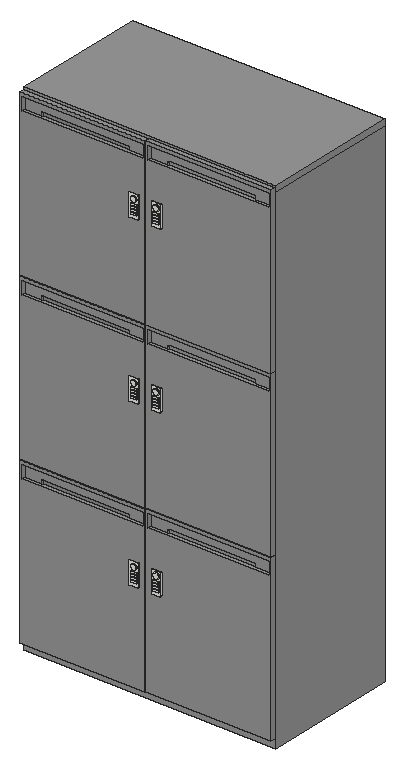
Revit family "Haworth_MSeries_Storage_Locker_AP_PRELIMINARY", category Furniture Systems, Revit 2019
Family settings
  Round Connector Dimension = Use Diameter
  Part Type = Normal
  OmniClass Number = 23.40.70.14.64.21
  OmniClass Title = Systems Furniture
  Work Plane-Based = No
  Always vertical = Yes
  Cut with Voids When Loaded = No
  Shared = No
  Room Calculation Point = No
Parameters (values of type "Freestanding 6Hi Tall")
  with Letter Slot [instance] = yes
  w/o Letter Slot [instance] = not(with Letter Slot)  # no
  not Slim = not(Slim)  # yes
  Width = 900 mm
  Warranty = "http://www.haworth.com/resources/product-info/warranties"
  URL - Product = "https://www.haworth.com/ap/en/products/office-drawers/m-series.html"
  Two Drawer = not(Three Drawer)  # no
  Trim Finish = Haworth _ Polymer _ Black
  Total Drawer Height = Actual Height - Bottom Case Offset  # 1770 mm
  Three Drawer = and(or(Freestanding 6Hi Small, Freestanding 6Hi Tall))  # yes
  Slim = Freestanding 6Hi Slim  # no
  Pull Finish = Haworth _ Paint _ Smooth Plaster
  Modular = no
  Model = "STMSKXX"  # constant formula
  Min. Width = 450 mm  # constant formula
  Max. Width = 900 mm  # constant formula
  Lock and Key Set [instance] = not(Combination Lock)  # no
  Lock Offset Top = if(Stack on, 50 mm, if(Freestanding 4Hi Small, 50 mm, if(Freestanding 6Hi Small, 500 mm, 950 mm)))  # 950 mm
  Lock Offset Side = Drawer Width - 35 mm  # 411 mm
  Lock Finish = Haworth _ Polymer _ Black
  Level Offset = if(Hanging, 400 mm, 0 mm)  # 0 mm
  Hanging = Stack on  # no
  Glide Finish = Haworth _ Polymer _ Black
  Front Finish [instance] = Haworth _ Laminate _ Undecided _ Storage
  Freestanding 6Hi Tall = yes
  Freestanding 6Hi Slim = no
  Freestanding 4Hi Tall = no
  Freestanding 6Hi Small = no
  Freestanding 4Hi Small = no
  Freestanding = not(Hanging)  # yes
  Drawer Width = Actual Width / 2 - 4 mm  # 446 mm
  Distance Between Drawer = 2 mm  # constant formula
  Description = "Haworth - M Series - Storage - Locker"  # constant formula
  URL = "https://www.haworth.com/ap/en.html"
  Size = "Verify Final Dim. w/ Haworth"  # constant formula
  Revision Number = "1"  # constant formula
  Manufacturer = "Haworth"  # constant formula
  Combination Lock [instance] = yes
  Case Thickness = 20 mm  # constant formula
  Cabinet Finish [instance] = Haworth _ Laminate _ Undecided _ Storage
  Drawer Height = if(Two Drawer, Total Drawer Height / 2, Total Drawer Height / 3)  # 590 mm
  Bottom Case Offset = 30 mm  # constant formula
  Author = "Haworth (Abd Rahman)"  # constant formula
  Stack on = not(or(Modular, Freestanding 4Hi Small, Freestanding 4Hi Tall, Freestanding 6Hi Small, Freestanding 6Hi Tall, Freestanding 6Hi Slim))  # no
  Assembly Code = "E2020200"
  Actual Width = if(Width > Max. Width, Max. Width, if(Width < Min. Width, Min. Width, Width))  # 900 mm
  Actual Height = if(Modular, 845 mm, if(Stack on, 800 mm, if(Freestanding 4Hi Small, 845 mm, if(Freestanding 4Hi Tall, 1140 mm, if(Freestanding 6Hi Small, 1500 mm, if(Freestanding 6Hi Tall, 1800 mm, 1800 mm))))))  # 1800 mm
  Actual Depth = 500 mm
Types (7, lengths in mm): name | with Letter Slot | w/o Letter Slot | not Slim | Width | Two Drawer | Total Drawer Height | Three Drawer | Slim | Modular | Lock and Key Set | Lock Offset Top | Lock Offset Side | Level Offset | Hanging | Freestanding 6Hi Tall | Freestanding 6Hi Slim | Freestanding 4Hi Tall | Freestanding 6Hi Small | Freestanding 4Hi Small | Freestanding | Drawer Width | Combination Lock | Drawer Height | Stack on | Actual Width | Actual Height | Actual Depth
  Stack on | yes | no | yes | 900 | yes | 770 | no | no | no | no | 50 | 411 | 400 | yes | no | no | no | no | no | no | 446 | yes | 385 | yes | 900 | 800 | 500
  Modular | yes | no | yes | 800 | yes | 815 | no | no | yes | yes | 950 | 361 | 0 | no | no | no | no | no | no | yes | 396 | no | 407.5 | no | 800 | 845 | 450
  Freestanding 4Hi Small | no | yes | yes | 900 | yes | 815 | no | no | no | no | 50 | 411 | 0 | no | no | no | no | no | yes | yes | 446 | yes | 407.5 | no | 900 | 845 | 450
  Freestanding 4Hi Tall | yes | no | yes | 900 | yes | 1110 | no | no | no | yes | 950 | 411 | 0 | no | no | no | yes | no | no | yes | 446 | no | 555 | no | 900 | 1140 | 450
  Freestanding 6Hi Small | yes | no | yes | 900 | no | 1470 | yes | no | no | yes | 500 | 411 | 0 | no | no | no | no | yes | no | yes | 446 | no | 490 | no | 900 | 1500 | 450
  Freestanding 6Hi Tall | yes | no | yes | 900 | no | 1770 | yes | no | no | no | 950 | 411 | 0 | no | yes | no | no | no | no | yes | 446 | yes | 590 | no | 900 | 1800 | 500
  Freestanding 6Hi Slim | no | yes | no | 450 | yes | 1770 | no | yes | no | no | 950 | 186 | 0 | no | no | yes | no | no | no | yes | 221 | yes | 885 | no | 450 | 1800 | 500
Reference planes
  plane 1 "Center F/B": y = -185.38
  plane 2: z = 0
  plane 3 "Top": z = 1800
  plane 4: x = 20.328
  plane 5: z = 1780
  plane 6: x = -429.672
  plane 7: y = 64.62
  plane 8: y = -435.38
  plane 9 "Right": x = 470.328
  plane 10: z = 30
  plane 11: y = -420.38
  plane 12: x = -419.672
  plane 13: y = 54.62
  plane 14: x = 460.328
  plane 15: y = -410.38
  plane 16: z = 1803
  plane 17: x = -427.672
  plane 18: x = 468.328
  plane 19: z = 1794
Forms (mm)
  Extrusion 1, solid, material "Haworth _ Polymer _ Black" <- "Glide Finish"
    sketch origin (40.656, -370.76, 0) x (-1, 0, 0) y (0, -1, 0)
      loop
        circle (424.548, 7.068) r 12.626
      loop
        circle (424.548, -377.828) r 12.626
      loop
        circle (-383.892, -377.828) r 12.626
      loop
        circle (-383.892, 7.068) r 12.626
    from 0 to 4.695
  Extrusion 2, solid, material "Haworth _ Polymer _ Black" <- "Glide Finish"
    sketch origin (40.656, -370.76, 0) x (-1, 0, 0) y (0, -1, 0)
      loop
        circle (424.484, 6.956) r 8.072
      loop
        circle (424.484, -377.717) r 8.072
      loop
        circle (-383.828, 6.956) r 8.072
      loop
        circle (-383.828, -377.717) r 8.072
    from 0 to 6.195
  Extrusion 3, solid, material "Haworth _ Polymer _ Black" <- "Glide Finish"
    sketch origin (40.656, -370.76, 0) x (-1, 0, 0) y (0, -1, 0)
      loop
        circle (424.407, 6.878) r 7
      loop
        circle (424.407, -377.638) r 7
      loop
        circle (-383.751, 6.878) r 7
      loop
        circle (-383.751, -377.638) r 7
    from 0 to 11.255
  Extrusion 4, solid, material "Haworth _ Polymer _ Black" <- "Glide Finish"
    sketch origin (40.656, -370.76, 0) x (-1, 0, 0) y (0, -1, 0)
      loop
        circle (424.454, 6.93) r 4.781
      loop
        circle (424.454, -377.69) r 4.781
      loop
        circle (-383.798, 6.93) r 4.781
      loop
        circle (-383.798, -377.69) r 4.781
    from 0 to 19.525
  Extrusion 5, solid, material "Haworth _ Laminate _ Undecided _ Storage" <- "Cabinet Finish"
    sketch origin (0, 0, 0) x (1, 0, 0) y (0, 1, 0)
      loop
        line (-429.672, 64.62) -> (-429.672, -420.38) -> (470.328, -420.38) -> (470.328, 64.62) -> (-429.672, 64.62)
    from 1780 to 1800
  Extrusion 6, solid, material "Haworth _ Laminate _ Undecided _ Storage" <- "Cabinet Finish"
    sketch origin (0, 0, 0) x (1, 0, 0) y (0, 1, 0)
      loop
        line (-429.672, 64.62) -> (-429.672, -420.38) -> (470.328, -420.38) -> (470.328, 64.62) -> (-429.672, 64.62)
      loop
        line (-419.672, 54.62) -> (-419.672, -410.38) -> (460.328, -410.38) -> (460.328, 54.62) -> (-419.672, 54.62)
    from 0 to 1780
  Extrusion 7, solid, material "Haworth _ Polymer _ Black" <- "Trim Finish", visible <- "Modular"
    sketch origin (0, 0, 0) x (1, 0, 0) y (0, 1, 0)
      loop
        circle (-343.933, 9.156) r 15
      loop
        circle (384.589, 9.156) r 15
      loop
        circle (-343.933, -379.916) r 15
      loop
        circle (384.589, -379.916) r 15
    from 1800 to 1803
  Extrusion 8, void
    sketch origin (0, -185.38, 0) x (1, 0, 0) y (0, 0, 1)
      loop
        line (-419.672, 1780) -> (-419.672, 30) -> (458.328, 30) -> (458.328, 1780) -> (-419.672, 1780)
    from 0 to 250
Cuts and joins
  Extrusion 8 cuts Extrusion 5
  Extrusion 8 cuts Extrusion 6
Lines and regions (mm)
  Masking region 1
    outline origin (0, 0, 0) x (1, 0, 0) y (0, 1, 0)
      loop
        line (-429.672, 64.62) -> (-429.672, -435.38) -> (470.328, -435.38) -> (470.328, 64.62) -> (-429.672, 64.62)
Dimensions and locks
  equal spacing: plane 7, plane 1 "Center F/B", plane 8
  "Actual Depth": plane 7 to plane 8
  "Actual Width": plane 6 to plane 9 "Right"
  equal spacing: plane 6, plane 4, plane 9 "Right"
  "Case Thickness": plane 3 "Top" to plane 5
  locked: plane 8 to plane 11 at 15
  locked: plane 6 to plane 12 at 10
  locked: plane 14 to plane 9 "Right" at 10
  locked: plane 7 to plane 13 at 10
  locked: plane 15 to plane 11 at 10
  locked: plane 6 to Extrusion 7 sketch curve at 85.739  (x2)
  locked: Extrusion 7 sketch curve to plane 9 "Right" at 85.739
  Extrusion 7 sketch curve to plane 9 "Right" = 85.739 mm
  locked: Extrusion 7 sketch curve to plane 8 at 55.464  (x2)
  locked: plane 7 to Extrusion 7 sketch curve at 55.464  (x2)
  locked: plane 16 to plane 3 "Top" at 3
  locked: plane 11 to Extrusion 1 sketch curve at 42.552
  locked: plane 6 to Extrusion 3 sketch curve at 45.921  (x2)
  locked: Extrusion 3 sketch curve to plane 8 at 57.742  (x2)
  locked: plane 6 to Extrusion 2 sketch curve at 45.844  (x2)
  locked: Extrusion 2 sketch curve to plane 8 at 57.663  (x2)
  locked: plane 6 to Extrusion 4 sketch curve at 45.874  (x2)
  locked: Extrusion 4 sketch curve to plane 8 at 57.69  (x2)
  Extrusion 4 to Extrusion 3 to Extrusion 2 to Extrusion 1 to plane 2 = 8.27 mm locked, 5.06 mm locked, 1.5 mm locked, 4.695 mm locked
  locked: plane 6 to Extrusion 1 sketch curve at 45.78
  locked: plane 7 to Extrusion 1 sketch curve at 57.552  (x2)
  locked: Extrusion 1 sketch curve to plane 9 "Right" at 45.78  (x2)
  locked: Extrusion 1 sketch curve to plane 8 at 57.552
  locked: plane 7 to Extrusion 2 sketch curve at 57.663  (x2)
  locked: Extrusion 2 sketch curve to plane 9 "Right" at 45.844  (x2)
  locked: plane 7 to Extrusion 3 sketch curve at 57.742  (x2)
  locked: Extrusion 3 sketch curve to plane 9 "Right" at 45.921  (x2)
  locked: plane 7 to Extrusion 4 sketch curve at 57.69  (x2)
  locked: Extrusion 4 sketch curve to plane 9 "Right" at 45.874  (x2)
  locked: plane 17 to plane 6 at 2
  locked: plane 18 to plane 9 "Right" at 2
  locked: plane 3 "Top" to plane 19 at 6
  locked: nested 3 to nested 5 at 2
  locked: nested 4 to nested 6 at 2
  locked: nested 2 to nested 4 at 2
  locked: nested 1 to nested 3 at 2
  "Bottom Case Offset": plane 10 to plane 2
  "Actual Height": plane 3 "Top" to plane 2
  "Level Offset": plane 2 to level
  locked: Extrusion 8 sketch curve to plane 18 at 10
  locked: Extrusion 8 sketch curve to plane 6 at 10
  aligned and locked: plane 3 "Top" to Extrusion 5
  aligned and locked: Extrusion 5 to plane 5
  aligned and locked: Extrusion 5 sketch curve to plane 11
  aligned and locked: plane 6 to Extrusion 5 sketch curve
  aligned and locked: plane 9 "Right" to Extrusion 5 sketch curve
  aligned and locked: Extrusion 5 sketch curve to plane 7
  aligned and locked: plane 6 to Extrusion 6 sketch curve
  aligned and locked: Extrusion 6 sketch curve to plane 7
  aligned and locked: plane 9 "Right" to Extrusion 6 sketch curve
  aligned and locked: Extrusion 6 sketch curve to plane 11
  aligned and locked: plane 14 to Extrusion 6 sketch curve
  aligned and locked: plane 13 to Extrusion 6 sketch curve
  aligned and locked: Extrusion 6 sketch curve to plane 12
  aligned and locked: Extrusion 6 sketch curve to plane 15
  aligned and locked: plane 5 to Extrusion 6
  aligned and locked: plane 16 to Extrusion 7
  aligned and locked: Extrusion 7 to plane 3 "Top"
  aligned and locked: nested 1 to plane 17
  aligned and locked: nested 2 to plane 18
  aligned and locked: nested 4 to plane 18
  aligned and locked: nested 3 to plane 17
  aligned and locked: nested 6 to plane 18
  aligned and locked: nested 5 to plane 17
  aligned and locked: nested 2 to plane 19
  aligned and locked: plane 19 to nested 1
  aligned and locked: Extrusion 8 sketch curve to plane 5
  aligned and locked: plane 10 to Extrusion 8 sketch curve
  aligned and locked: Extrusion 8 to plane 1 "Center F/B"
  aligned and locked: cut or joined group of Extrusion 6, Extrusion 8 to plane 2
  aligned and locked: Extrusion 1 to plane 2
  aligned and locked: Extrusion 3 to plane 2
  aligned and locked: Extrusion 2 to plane 2
  aligned and locked: Extrusion 4 to plane 2
  aligned and locked: plane 19 to nested 7
  aligned and locked: nested 7 to plane 4
  aligned and locked: Extrusion 8 to plane 8
  aligned and locked: plane 11 to nested 1
  aligned and locked: nested 2 to plane 11
  aligned and locked: plane 11 to nested 3
  aligned and locked: nested 4 to plane 11
  aligned and locked: nested 6 to plane 11
  aligned and locked: plane 11 to nested 5
  aligned and locked: plane 11 to nested 7
Automatic sketch dimensions
  plane 6 to Extrusion 1 sketch curve = 45.78 mm
  Masking region 1 sketch curve to plane 6 = 0 mm
  Masking region 1 sketch curve to plane 8 = 0 mm
  Masking region 1 sketch curve to plane 9 "Right" = 0 mm
  Masking region 1 sketch curve to plane 7 = 0 mm
  radius of Extrusion 7 sketch curve = 15 mm  (x4)
  radius of Extrusion 1 sketch curve = 12.626 mm  (x4)
  radius of Extrusion 2 sketch curve = 8.072 mm  (x4)
  radius of Extrusion 3 sketch curve = 7 mm  (x4)
  radius of Extrusion 4 sketch curve = 4.781 mm  (x4)
Nested families
  nested 1: "Haworth_MSeries_Locker-Door_PART" at (-204.672, -410.872, 1207.5), visible <- "not Slim", type "Haworth_Drawer"
    with w/o Letter Slot no, With Lock no, Drawer Height 590 mm
  nested 2: "Haworth_MSeries_Locker-Door_PART" at (245.328, -410.872, 1207.5) x (-1, 0, 0) z (0, 0, 1), visible <- "not Slim", type "Haworth_Drawer"
    with w/o Letter Slot no, With Lock no, Drawer Height 590 mm
  nested 3: "Haworth_MSeries_Locker-Door_PART" at (-204.672, -410.872, 619), visible <- "not Slim", type "Haworth_Drawer"
    with w/o Letter Slot no, With Lock no, Drawer Height 590 mm
  nested 4: "Haworth_MSeries_Locker-Door_PART" at (245.328, -410.872, 619) x (-1, 0, 0) z (0, 0, 1), visible <- "not Slim", type "Haworth_Drawer"
    with w/o Letter Slot no, With Lock no, Drawer Height 590 mm
  nested 5: "Haworth_MSeries_Locker-Door_PART" at (-204.672, -410.872, 30.5), visible <- "Three Drawer", type "Haworth_Drawer"
    with w/o Letter Slot no, With Lock no, Drawer Height 590 mm
  nested 6: "Haworth_MSeries_Locker-Door_PART" at (245.328, -410.872, 30.5) x (-1, 0, 0) z (0, 0, 1), visible <- "Three Drawer", type "Haworth_Drawer"
    with w/o Letter Slot no, With Lock no, Drawer Height 590 mm
  nested 7: "Haworth_MSeries_Locker-Door-Slim_PART" at (20.328, -410.897, -6), visible <- "Freestanding 6Hi Slim", type "Haworth_Locker-Door"
    with w/o Letter Slot no, With Lock no
Definition of nested family "Haworth_MSeries_Locker-Door_PART"
  Parameters (values of type "Haworth_Drawer")
    with Letter Slot = yes
    w/o Letter Slot = yes
    With Lock = yes
    Warranty = "http://www.haworth.com/resources/product-info/warranties"
    URL - Product = ""
    URL = "www.haworth.com"
    Trim Finish = none
    Revision Number = "1"  # constant formula
    Pull Finish = none
    Note = "Verify Final Dim. w/ Haworth"  # constant formula
    Model = "Haworth MSeries"  # constant formula
    Manufacturer = "Haworth"  # constant formula
    Lock Offset Top = 950 mm
    Lock Offset Side = 50 mm
    Letter Void = if(with Letter Slot, 50 mm, 0 mm)  # 50 mm
    Front Finish = none
    Drawer Width = 446 mm
    Drawer Height = 490 mm
    Description = "Haworth MSeries"  # constant formula
    Combination Lock = yes
    Author = "Haworth (Abd Rahman)"  # constant formula
    Assembly Code = ""
  Reference planes
    plane 1 "Drawer Back": y = -9.508
    plane 2: z = 0
    plane 3 "Center L/R": x = 0
    plane 4 "Drawer Front": y = -28.883
    plane 5 "Left": x = -223
    plane 6 "Right": x = 223
    plane 7 "Top": z = 490
    plane 8 "Hardware Start": y = -12.683
    plane 9 "Lock Side": x = 173
    plane 10 "2": z = 287.508
    plane 11: x = -218.5
    plane 12: x = 218.5
    plane 13: z = 475.5
    plane 14: z = 426.5
    plane 15: y = -14.383
    plane 16: z = 486.5
    plane 17: x = -156
    plane 18: x = 156
    plane 19: z = 439.5
    plane 20: y = 20.144
    plane 21: y = -59.508
    plane 22: y = -31.183
    plane 23: x = 168
    plane 24: x = 202
    plane 25: z = 305
    plane 26: z = 225
    plane 27: x = 185.014
    plane 28: x = 174.98
    plane 29: x = 194.98
    plane 30: z = 236.026
    plane 31: z = 242.026
    plane 32: z = 246.026
    plane 33: z = 252.026
    plane 34: z = 256.026
    plane 35: z = 262.026
    plane 36: z = 266.026
    plane 37: z = 272.026
  Forms (mm)
    Extrusion 1, solid, material <- "Front Finish"
      sketch origin (0, -28.883, 0) x (-1, 0, 0) y (0, 0, 1)
        loop
          line (-223, 486.5) -> (-223, 0) -> (223, 0) -> (223, 486.5) -> (-223, 486.5)
      from 0 to 16.2
    Extrusion 2, void
      sketch origin (0, -28.883, -3.75) x (-1, 0, 0) y (0, 0, 1)
        loop
          line (218.5, 479.25) -> (-218.5, 479.25) -> (-218.5, 430.25) -> (218.5, 430.25) -> (218.5, 479.25)
      from 14.5 to -47.663
    Extrusion 3, void
      sketch origin (0, -28.883, 0) x (-1, 0, 0) y (0, 0, 1)
        loop
          line (154, 439.5) -> (-154, 439.5) -> (-156, 437.5) -> (-156, 426.5) -> (156, 426.5) -> (156, 437.5) -> (154, 439.5)
      from -30.625 to 16.2
    Extrusion 4, solid, material <- "Pull Finish", visible <- "Combination Lock"
      sketch origin (0, -28.883, 0) x (-1, 0, 0) y (0, 0, 1)
        loop
          line (-168, 228) -> (-168, 301.973)
          arc (-168, 301.973) -> (-168.887, 304.113) -> (-171.027, 305) r 3.027
          line (-171.027, 305) -> (-199, 305)
          arc (-199, 305) -> (-201.121, 304.121) -> (-202, 302) r 3
          line (-202, 302) -> (-202, 228)
          arc (-202, 228) -> (-201.121, 225.879) -> (-199, 225) r 3
          line (-199, 225) -> (-171, 225)
          arc (-171, 225) -> (-168.879, 225.879) -> (-168, 228) r 3
      from 0 to -2.3
    Extrusion 5, solid, material <- "Pull Finish", visible <- "Combination Lock"
      sketch origin (1560, -28.883, 0) x (-1, 0, 0) y (0, 0, 1)
        loop
          circle (1374.986, 287.508) r 10
        loop
          line (1385.02, 272.026) -> (1365.02, 272.026) -> (1365.02, 266.026) -> (1385.02, 266.026) -> (1385.02, 272.026)
        loop
          line (1385.02, 262.026) -> (1365.02, 262.026) -> (1365.02, 256.026) -> (1385.02, 256.026) -> (1385.02, 262.026)
        loop
          line (1385.02, 252.026) -> (1365.02, 252.026) -> (1365.02, 246.026) -> (1385.02, 246.026) -> (1385.02, 252.026)
        loop
          line (1365.02, 242.026) -> (1365.02, 236.026) -> (1385.02, 236.026) -> (1385.02, 242.026) -> (1365.02, 242.026)
      from -3.3 to -2.3
    Extrusion 6, solid, material <- "Pull Finish", visible <- "With Lock"
      sketch origin (0, -28.883, 0) x (-1, 0, 0) y (0, 0, 1)
        loop
          circle (-173, 287.508) r 12
      from -3.3 to -2.3
    Extrusion 7, void
      sketch origin (0, -28.883, 0) x (-1, 0, 0) y (0, 0, 1)
        loop
          circle (-173, 287.508) r 10
        loop
          circle (-173, 287.508) r 11
      from -106.735 to 0
  Cuts and joins
    Extrusion 2, Extrusion 3, Extrusion 7 cuts Extrusion 1
    Extrusion 7 cuts Extrusion 6
  Lines and regions (mm)
    Masking region 1
      outline origin (0, 0, 185.861) x (-1, 0, 0) y (0, -1, 0)
        loop
          line (223, 12.683) -> (223, 28.883) -> (-223, 28.883) -> (-223, 12.683) -> (223, 12.683)
    symbolic lines
      curve 1: line (-220.67, -29.508, 185.861) -> (58.38, -74.657, 185.861)
  Dimensions and locks
    equal spacing: plane 5 "Left", plane 3 "Center L/R", plane 6 "Right"
    "Drawer Width": plane 5 "Left" to plane 6 "Right"
    "Drawer Height": plane 7 "Top" to level
    locked: plane 1 "Drawer Back" to plane 8 "Hardware Start" at 3.175
    plane 4 "Drawer Front" to plane 1 "Drawer Back" = 19.375 mm
    plane 4 "Drawer Front" to plane 8 "Hardware Start" = 16.2 mm
    "Lock Offset Side": plane 9 "Lock Side" to plane 6 "Right"
    locked: plane 11 to plane 5 "Left" at 4.5
    locked: plane 12 to plane 6 "Right" at 4.5
    locked: plane 7 "Top" to plane 13 at 14.5
    locked: plane 13 to plane 14 at 49
    locked: plane 15 to plane 8 "Hardware Start" at 1.7
    locked: plane 7 "Top" to plane 16 at 3.5
    locked: plane 5 "Left" to plane 17 at 67
    locked: plane 18 to plane 6 "Right" at 67
    locked: plane 19 to plane 14 at 13
    "Letter Void": plane 21 to plane 1 "Drawer Back"
    locked: plane 22 to plane 4 "Drawer Front" at 2.3
    plane 23 to plane 24 to plane 6 "Right" = 34 mm locked, 21 mm locked
    plane 14 to plane 25 to plane 26 = 121.5 mm locked, 80 mm locked
    locked: Extrusion 5 to Extrusion 4 at 1
    locked: plane 7 "Top" to plane 10 "2" at 202.492
    plane 10 "2" to plane 37 to plane 36 to plane 35 to plane 34 to plane 33 to plane 32 to plane 31 to plane 30 = 15.481 mm locked, 6 mm locked, 4 mm locked, 6 mm locked, 4 mm locked, 6 mm locked, 4 mm locked, 6 mm locked
    plane 28 to plane 27 to plane 29 to plane 6 "Right" = 10.033 mm locked, 9.967 mm locked, 28.02 mm locked
    aligned and locked: Extrusion 1 sketch curve to plane 6 "Right"
    aligned and locked: Extrusion 1 sketch curve to plane 5 "Left"
    aligned and locked: Extrusion 1 sketch curve to plane 2
    aligned and locked: plane 6 "Right" to Masking region 1 sketch curve
    aligned and locked: plane 8 "Hardware Start" to Masking region 1 sketch curve
    aligned and locked: plane 4 "Drawer Front" to Masking region 1 sketch curve
    aligned and locked: plane 5 "Left" to Masking region 1 sketch curve
    aligned and locked: plane 11 to Extrusion 2 sketch curve
    aligned and locked: plane 12 to Extrusion 2 sketch curve
    aligned and locked: Extrusion 2 to plane 15
    aligned and locked: cut or joined group of Extrusion 1, Extrusion 2, Extrusion 3, Extrusion 7 to plane 16
    aligned and locked: plane 14 to Extrusion 2 sketch curve
    aligned and locked: Extrusion 2 sketch curve to plane 13
    aligned and locked: Extrusion 3 sketch curve to plane 14
    aligned and locked: plane 18 to Extrusion 3 sketch curve
    aligned and locked: plane 19 to Extrusion 3 sketch curve
    aligned and locked: Extrusion 3 sketch curve to plane 17
    aligned and locked: Extrusion 3 to plane 8 "Hardware Start"
    aligned and locked: plane 21 to Extrusion 3
    aligned and locked: Extrusion 4 to plane 22
    aligned and locked: plane 24 to Extrusion 4 sketch curve
    aligned and locked: plane 25 to Extrusion 4 sketch curve
    aligned and locked: Extrusion 4 sketch curve to plane 23
    aligned and locked: plane 26 to Extrusion 4 sketch curve
    aligned and locked: Extrusion 5 sketch curve to Extrusion 5 sketch curve  (x6)
    aligned and locked: Extrusion 5 to plane 22
    aligned and locked: Extrusion 6 to Extrusion 5
    aligned and locked: plane 22 to Extrusion 6
    aligned and locked: plane 9 "Lock Side" to Extrusion 6 sketch curve
    aligned and locked: plane 10 "2" to Extrusion 6 sketch curve
    aligned and locked: plane 9 "Lock Side" to Extrusion 7 sketch curve  (x2)
    aligned and locked: plane 10 "2" to Extrusion 7 sketch curve  (x2)
    aligned and locked: plane 10 "2" to Extrusion 5 sketch curve
    aligned and locked: Extrusion 5 sketch curve to plane 27
    aligned and locked: plane 30 to Extrusion 5 sketch curve
    aligned and locked: Extrusion 5 sketch curve to plane 31
    aligned and locked: Extrusion 5 sketch curve to plane 29
    aligned and locked: Extrusion 5 sketch curve to plane 32
    aligned and locked: plane 33 to Extrusion 5 sketch curve
    aligned and locked: Extrusion 5 sketch curve to plane 34
    aligned and locked: plane 35 to Extrusion 5 sketch curve
    aligned and locked: Extrusion 5 sketch curve to plane 36
    aligned and locked: plane 37 to Extrusion 5 sketch curve
    aligned and locked: plane 28 to Extrusion 5 sketch curve
  Automatic sketch dimensions
    Extrusion 1 sketch curve to plane 16 = 0 mm
    Extrusion 3 sketch curve to Extrusion 3 sketch curve = 2 mm  (x3)
    Extrusion 3 sketch curve to Extrusion 3 sketch curve = 11 mm
    Extrusion 4 sketch curve to Extrusion 4 sketch curve = 3 mm  (x2)
    Extrusion 4 sketch curve to Extrusion 4 sketch curve = 28 mm
    Extrusion 4 sketch curve to Extrusion 4 sketch curve = 3.027 mm
    plane 21 to curve 1 = 15.149 mm
    plane 3 "Center L/R" to curve 1 = 58.38 mm
    curve 1 to plane 4 "Drawer Front" = 0.625 mm
    curve 1 to plane 11 = 2.17 mm
    radius of Extrusion 6 sketch curve = 12 mm
    radius of Extrusion 7 sketch curve = 10 mm
    radius of Extrusion 7 sketch curve = 11 mm
    radius of Extrusion 5 sketch curve = 10 mm
Definition of nested family "Haworth_MSeries_Locker-Door-Slim_PART"
  Parameters (values of type "Haworth_Locker-Door")
    with Letter Slot = yes
    w/o Letter Slot = yes
    With Lock = yes
    Warranty = "http://www.haworth.com/resources/product-info/warranties"
    URL - Product = ""
    URL = "www.haworth.com"
    Trim Finish = none
    Revision Number = "1"  # constant formula
    Pull Finish = none
    Note = "Verify Final Dim. w/ Haworth"  # constant formula
    Model = "Haworth MSeries"  # constant formula
    Manufacturer = "Haworth"  # constant formula
    Lock Offset Top = 950 mm
    Lock Offset Side = 50 mm
    Letter Void = if(with Letter Slot, 30 mm, 500 mm)  # 30 mm
    Front Finish = none
    Drawer Width = 450 mm  # constant formula
    Drawer Height = 1800 mm  # constant formula
    Description = "Haworth MSeries"  # constant formula
    Combination Lock = yes
    Author = "Haworth (Abd Rahman)"  # constant formula
    Assembly Code = ""
  Reference planes
    plane 1: z = 0
    plane 2 "Center L/R": x = 0
    plane 3 "Left": x = -225
    plane 4 "Right": x = 225
    plane 5 "Top": z = 1800
    plane 6: z = 1785.5
    plane 7: y = -14.383
    plane 8: z = 1796.5
    plane 9: y = -31.183
    plane 10: x = -202.919
    plane 11: x = -168.919
    plane 12: z = 1523.501
    plane 13: z = 1443.501
    plane 14: x = -185.905
    plane 15: x = -195.939
    plane 16: x = -175.939
    plane 17: z = 1454.527
    plane 18: z = 1460.527
    plane 19: z = 1464.527
    plane 20: z = 1470.527
    plane 21: z = 1474.527
    plane 22: z = 1480.527
    plane 23: z = 1484.527
    plane 24: z = 1490.527
    plane 25: x = 169.036
    plane 26: x = 203.036
    plane 27: z = 397.501
    plane 28: z = 317.501
    plane 29: x = 186.05
    plane 30: x = 176.017
    plane 31: x = 196.017
    plane 32: z = 328.527
    plane 33: z = 334.527
    plane 34: z = 338.527
    plane 35: z = 344.527
    plane 36: z = 348.527
    plane 37: z = 354.527
    plane 38: z = 358.527
    plane 39: z = 364.527
    plane 40: x = -195
    plane 41: x = -180
    plane 42: x = 195
    plane 43: x = 180
    plane 44: y = -12.683
    plane 45: y = -9.483
  Forms (mm)
    Extrusion 1, solid, material <- "Front Finish"
      sketch origin (0, -28.883, 0) x (-1, 0, 0) y (0, 0, 1)
        loop
          line (-225, 1798.001) -> (-225, 43.001) -> (225, 43.001) -> (225, 1798.001) -> (-225, 1798.001)
      from 0 to 16.2
    Extrusion 2, void
      sketch origin (0, -28.883, -3.75) x (-1, 0, 0) y (0, 0, 1)
        loop
          line (210, 1791.751) -> (162, 1791.751) -> (162, 1228.751) -> (210, 1228.751) -> (210, 1791.751)
        loop
          line (-210, 619.751) -> (-210, 56.751) -> (-162, 56.751) -> (-162, 619.751) -> (-210, 619.751)
      from 14.5 to -47.663
    Extrusion 3, void
      sketch origin (0, -28.883, 0) x (-1, 0, 0) y (0, 0, 1)
        loop
          line (180, 1733.196) -> (180, 1563.071) -> (182, 1561.071) -> (195, 1561.071) -> (195, 1735.196) -> (182, 1735.196) -> (180, 1733.196)
        loop
          line (-180, 107.807) -> (-180, 277.932) -> (-182, 279.932) -> (-195, 279.932) -> (-195, 105.807) -> (-182, 105.807) -> (-180, 107.807)
      from -30.625 to 152.337
    Extrusion 4, solid, material <- "Pull Finish", visible <- "Combination Lock"
      sketch origin (-372.919, -14.274, -91.499) x (-1, 0, 0) y (0, 0, 1)
        loop
          line (-170, 1538) -> (-170, 1611.973)
          arc (-170, 1611.973) -> (-170.887, 1614.113) -> (-173.027, 1615) r 3.027
          line (-173.027, 1615) -> (-201, 1615)
          arc (-201, 1615) -> (-203.121, 1614.121) -> (-204, 1612) r 3
          line (-204, 1612) -> (-204, 1538)
          arc (-204, 1538) -> (-203.121, 1535.879) -> (-201, 1535) r 3
          line (-201, 1535) -> (-173, 1535)
          arc (-173, 1535) -> (-170.879, 1535.879) -> (-170, 1538) r 3
      from 0 to -2.3
    Extrusion 5, solid, material <- "Pull Finish", visible <- "Combination Lock"
      sketch origin (1187.081, -14.274, -91.499) x (-1, 0, 0) y (0, 0, 1)
        loop
          circle (1372.986, 1597.508) r 10
        loop
          line (1383.02, 1582.026) -> (1363.02, 1582.026) -> (1363.02, 1576.026) -> (1383.02, 1576.026) -> (1383.02, 1582.026)
        loop
          line (1383.02, 1572.026) -> (1363.02, 1572.026) -> (1363.02, 1566.026) -> (1383.02, 1566.026) -> (1383.02, 1572.026)
        loop
          line (1383.02, 1562.026) -> (1363.02, 1562.026) -> (1363.02, 1556.026) -> (1383.02, 1556.026) -> (1383.02, 1562.026)
        loop
          line (1363.02, 1552.026) -> (1363.02, 1546.026) -> (1383.02, 1546.026) -> (1383.02, 1552.026) -> (1363.02, 1552.026)
      from -3.3 to -2.3
    Extrusion 6, solid, material <- "Pull Finish", visible <- "Combination Lock"
      sketch origin (-0.964, -14.196, -1217.499) x (-1, 0, 0) y (0, 0, 1)
        loop
          line (-170, 1538) -> (-170, 1611.973)
          arc (-170, 1611.973) -> (-170.887, 1614.113) -> (-173.027, 1615) r 3.027
          line (-173.027, 1615) -> (-201, 1615)
          arc (-201, 1615) -> (-203.121, 1614.121) -> (-204, 1612) r 3
          line (-204, 1612) -> (-204, 1538)
          arc (-204, 1538) -> (-203.121, 1535.879) -> (-201, 1535) r 3
          line (-201, 1535) -> (-173, 1535)
          arc (-173, 1535) -> (-170.879, 1535.879) -> (-170, 1538) r 3
      from 0 to -2.3
    Extrusion 7, solid, material <- "Pull Finish", visible <- "Combination Lock"
      sketch origin (1559.036, -14.196, -1217.499) x (-1, 0, 0) y (0, 0, 1)
        loop
          circle (1372.986, 1597.508) r 10
        loop
          line (1383.02, 1582.026) -> (1363.02, 1582.026) -> (1363.02, 1576.026) -> (1383.02, 1576.026) -> (1383.02, 1582.026)
        loop
          line (1383.02, 1572.026) -> (1363.02, 1572.026) -> (1363.02, 1566.026) -> (1383.02, 1566.026) -> (1383.02, 1572.026)
        loop
          line (1383.02, 1562.026) -> (1363.02, 1562.026) -> (1363.02, 1556.026) -> (1383.02, 1556.026) -> (1383.02, 1562.026)
        loop
          line (1363.02, 1552.026) -> (1363.02, 1546.026) -> (1383.02, 1546.026) -> (1383.02, 1552.026) -> (1363.02, 1552.026)
      from -3.3 to -2.3
    Extrusion 8, solid, material <- "Pull Finish", visible <- "With Lock"
      sketch origin (-361.915, -14.274, -76.927) x (-1, 0, 0) y (0, 0, 1)
        loop
          circle (-175, 1597.508) r 12
      from -3.3 to -2.3
    Extrusion 9, void
      sketch origin (-361.915, -14.274, -76.927) x (-1, 0, 0) y (0, 0, 1)
        loop
          circle (-175, 1597.508) r 10
        loop
          circle (-175, 1597.508) r 11
      from -106.735 to 0
    Extrusion 10, solid, material <- "Pull Finish", visible <- "With Lock"
      sketch origin (11.05, -14.196, -1212.006) x (-1, 0, 0) y (0, 0, 1)
        loop
          circle (-175, 1597.508) r 12
      from -3.3 to -2.3
    Extrusion 11, void
      sketch origin (11.05, 0.414, -1212.006) x (-1, 0, 0) y (0, 0, 1)
        loop
          circle (-175, 1597.508) r 10
        loop
          circle (-175, 1597.508) r 11
      from -106.735 to 0
    Extrusion 12, void
      sketch origin (0, -28.883, 0) x (-1, 0, 0) y (0, 0, 1)
        loop
          line (-1.5, 1215.001) -> (-1.5, 630.501) -> (-3, 629.001) -> (-246.839, 629.001) -> (-246.839, 626.001) -> (1.5, 626.001) -> (1.5, 1210.501) -> (3, 1212.001) -> (232.241, 1212.001) -> (232.241, 1215.001) -> (-1.5, 1215.001)
      from 0 to 250
  Cuts and joins
    Extrusion 2, Extrusion 3, Extrusion 9, Extrusion 12 cuts Extrusion 1
    Extrusion 9, Extrusion 11 cuts Extrusion 8
    Extrusion 11 cuts Extrusion 4
    Extrusion 11 cuts Extrusion 5
    Extrusion 11 cuts Extrusion 10
  Lines and regions (mm)
    Masking region 1
      outline origin (0, 0, 185.861) x (-1, 0, 0) y (0, -1, 0)
        loop
          line (225, 12.683) -> (225, 28.883) -> (-225, 28.883) -> (-225, 12.683) -> (225, 12.683)
  Dimensions and locks
    equal spacing: plane 3 "Left", plane 2 "Center L/R", plane 4 "Right"
    "Drawer Width": plane 3 "Left" to plane 4 "Right"
    "Drawer Height": plane 5 "Top" to level
    locked: plane 5 "Top" to plane 6 at 14.5
    locked: plane 10 to plane 11 at 34
    locked: plane 12 to plane 13 at 80
    plane 24 to plane 23 to plane 22 to plane 21 to plane 20 to plane 19 to plane 18 to plane 17 = 6 mm locked, 4 mm locked, 6 mm locked, 4 mm locked, 6 mm locked, 4 mm locked, 6 mm locked
    plane 15 to plane 14 to plane 16 = 10.033 mm locked, 9.967 mm locked
    locked: plane 25 to plane 26 at 34
    locked: plane 27 to plane 28 at 80
    plane 39 to plane 38 to plane 37 to plane 36 to plane 35 to plane 34 to plane 33 to plane 32 = 6 mm locked, 4 mm locked, 6 mm locked, 4 mm locked, 6 mm locked, 4 mm locked, 6 mm locked
    plane 30 to plane 29 to plane 31 = 10.033 mm locked, 9.967 mm locked
    plane 40 to plane 41 = 15 mm
    plane 42 to plane 43 = 15 mm
    "Letter Void": plane 4 "Right" to plane 42
    "Letter Void": plane 3 "Left" to plane 40
    cut or joined group of Extrusion 1, Extrusion 2, Extrusion 3, Extrusion 9, Extrusion 12 to cut or joined group of Extrusion 1, Extrusion 2, Extrusion 3, Extrusion 9, Extrusion 12 = 16.2 mm
    aligned and locked: Extrusion 1 sketch curve to plane 4 "Right"
    aligned and locked: Extrusion 1 sketch curve to plane 3 "Left"
    aligned and locked: plane 4 "Right" to Masking region 1 sketch curve
    aligned and locked: plane 3 "Left" to Masking region 1 sketch curve
    aligned and locked: Extrusion 2 to plane 7
    aligned and locked: Extrusion 4 sketch curve to plane 11
    aligned and locked: plane 12 to Extrusion 4 sketch curve
    aligned and locked: plane 10 to Extrusion 4 sketch curve
    aligned and locked: plane 13 to Extrusion 4 sketch curve
    aligned and locked: Extrusion 5 sketch curve to Extrusion 5 sketch curve  (x6)
    aligned and locked: Extrusion 5 sketch curve to plane 14
    aligned and locked: plane 17 to Extrusion 5 sketch curve
    aligned and locked: Extrusion 5 sketch curve to plane 18
    aligned and locked: plane 16 to Extrusion 5 sketch curve
    aligned and locked: Extrusion 5 sketch curve to plane 19
    aligned and locked: plane 20 to Extrusion 5 sketch curve
    aligned and locked: Extrusion 5 sketch curve to plane 21
    aligned and locked: plane 22 to Extrusion 5 sketch curve
    aligned and locked: Extrusion 5 sketch curve to plane 23
    aligned and locked: plane 24 to Extrusion 5 sketch curve
    aligned and locked: plane 15 to Extrusion 5 sketch curve
    aligned and locked: Extrusion 6 sketch curve to plane 26
    aligned and locked: plane 27 to Extrusion 6 sketch curve
    aligned and locked: plane 25 to Extrusion 6 sketch curve
    aligned and locked: plane 28 to Extrusion 6 sketch curve
    aligned and locked: Extrusion 7 sketch curve to Extrusion 7 sketch curve  (x6)
    aligned and locked: Extrusion 7 sketch curve to plane 29
    aligned and locked: plane 32 to Extrusion 7 sketch curve
    aligned and locked: Extrusion 7 sketch curve to plane 33
    aligned and locked: plane 31 to Extrusion 7 sketch curve
    aligned and locked: Extrusion 7 sketch curve to plane 34
    aligned and locked: plane 35 to Extrusion 7 sketch curve
    aligned and locked: Extrusion 7 sketch curve to plane 36
    aligned and locked: plane 37 to Extrusion 7 sketch curve
    aligned and locked: Extrusion 7 sketch curve to plane 38
    aligned and locked: plane 39 to Extrusion 7 sketch curve
    aligned and locked: plane 30 to Extrusion 7 sketch curve
    aligned and locked: plane 41 to Extrusion 3 sketch curve
    aligned and locked: plane 40 to Extrusion 3 sketch curve
    aligned and locked: plane 43 to Extrusion 3 sketch curve
    aligned and locked: plane 42 to Extrusion 3 sketch curve
  Automatic sketch dimensions
    Extrusion 1 sketch curve to plane 8 = 1.501 mm
    plane 6 to Extrusion 2 sketch curve = 2.501 mm
    Extrusion 2 sketch curve to plane 6 = 560.499 mm
    level to Extrusion 2 sketch curve = 616.001 mm
    level to Extrusion 2 sketch curve = 53.001 mm
    plane 11 to Extrusion 4 sketch curve = 3 mm  (x2)
    Extrusion 4 sketch curve to Extrusion 4 sketch curve = 3.027 mm
    Extrusion 4 sketch curve to plane 10 = 3 mm
    Extrusion 5 sketch curve to plane 24 = 15.481 mm
    plane 26 to Extrusion 6 sketch curve = 3 mm  (x2)
    Extrusion 7 sketch curve to plane 39 = 15.481 mm
    Extrusion 8 sketch curve to plane 6 = 264.92 mm
    Extrusion 9 sketch curve to Extrusion 9 sketch curve = 0 mm  (x3)
    Extrusion 9 sketch curve to plane 6 = 264.92 mm
    level to Extrusion 10 sketch curve = 385.501 mm
    Extrusion 11 sketch curve to Extrusion 11 sketch curve = 0 mm  (x3)
    level to Extrusion 11 sketch curve = 385.501 mm
    level to Extrusion 1 sketch curve = 43.001 mm
    plane 2 "Center L/R" to Extrusion 12 sketch curve = 1.5 mm
    Extrusion 12 sketch curve to plane 2 "Center L/R" = 3 mm
    Extrusion 12 sketch curve to plane 6 = 573.499 mm
    Extrusion 12 sketch curve to Extrusion 12 sketch curve = 3 mm  (x2)
    Extrusion 12 sketch curve to plane 2 "Center L/R" = 1.5 mm
    Extrusion 12 sketch curve to Extrusion 12 sketch curve = 1.5 mm  (x2)
    Extrusion 12 sketch curve to Extrusion 12 sketch curve = 580 mm
    Extrusion 12 sketch curve to Extrusion 12 sketch curve = 4.5 mm
    plane 3 "Left" to Extrusion 2 sketch curve = 63 mm
    plane 3 "Left" to Extrusion 2 sketch curve = 15 mm
    plane 3 "Left" to Extrusion 8 sketch curve = 38.085 mm
    plane 3 "Left" to Extrusion 9 sketch curve = 38.085 mm
    Extrusion 12 sketch curve to plane 3 "Left" = 7.241 mm
    Extrusion 2 sketch curve to Extrusion 2 sketch curve = 48 mm
    Extrusion 6 sketch curve to Extrusion 6 sketch curve = 3.027 mm
    Extrusion 6 sketch curve to plane 25 = 3 mm
    plane 4 "Right" to Extrusion 2 sketch curve = 63 mm
    plane 4 "Right" to Extrusion 10 sketch curve = 38.95 mm
    plane 4 "Right" to Extrusion 11 sketch curve = 38.95 mm
    Extrusion 12 sketch curve to plane 4 "Right" = 21.839 mm
    Masking region 1 sketch curve to plane 7 = 1.7 mm
    Masking region 1 sketch curve to plane 9 = 2.3 mm
    plane 43 to Extrusion 3 sketch curve = 2 mm  (x2)
    plane 41 to Extrusion 3 sketch curve = 2 mm  (x2)
    level to Extrusion 3 sketch curve = 105.807 mm
    Extrusion 3 sketch curve to Extrusion 3 sketch curve = 2 mm  (x4)
    Extrusion 3 sketch curve to Extrusion 3 sketch curve = 170.125 mm
    Extrusion 3 sketch curve to plane 6 = 224.429 mm
    Extrusion 3 sketch curve to plane 6 = 52.304 mm
    radius of Extrusion 5 sketch curve = 10 mm
    radius of Extrusion 7 sketch curve = 10 mm
    radius of Extrusion 8 sketch curve = 12 mm
    radius of Extrusion 9 sketch curve = 10 mm
    radius of Extrusion 9 sketch curve = 11 mm
    radius of Extrusion 10 sketch curve = 12 mm
    radius of Extrusion 11 sketch curve = 10 mm
    radius of Extrusion 11 sketch curve = 11 mm
